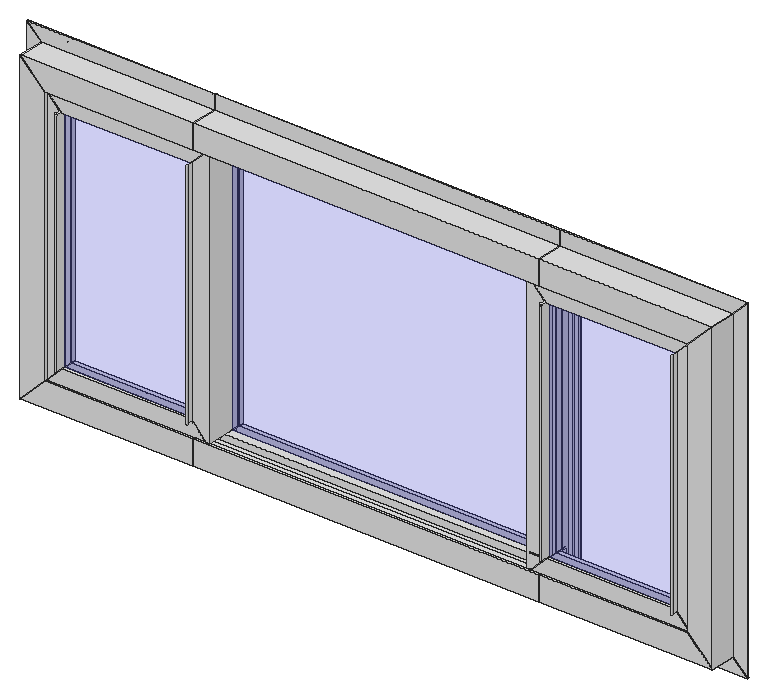
Revit family "591_XOX_nailfin", category Windows, host Wall, Revit 2016
Family settings
  Host = Wall
  OmniClass Number = 23.30.20.00
  OmniClass Title = Windows
  Always vertical = Yes
  Cut with Voids When Loaded = No
  Shared = No
  Room Calculation Point = No
Parameters (values of type "54x24")
  MLW = 1 / 4 * BSR  # 3 3/8"
  Interior Color [instance] = White
  Height = 24"
  Exterior Color [instance] = White
  Default Sill Height = 31.49606"
  Wall Closure = By host
  Width = 54"
  BSR = 13 1/2"
  BSL = BSR  # 13 1/2"
Reference planes (in)
  plane 1 "Center (Front/Back)": y = 0
  plane 2 "Center (Left/Right)": x = 0
  plane 3 "Left": x = -27
  plane 4 "Right": x = 27
  plane 5 "Sill": z = 31.49606
  plane 6 "Head": z = 55.49606
  plane 7 "Exterior": y = 3.93701
  plane 8 "Interior": y = -3.93701
  plane 9 "Front of wall": y = 3.93701
  plane 10 "BSR": x = -13.5
  plane 11 "BSL": x = 13.5
  plane 12: x = -12.5625
  plane 13: x = 12.6245
  plane 14: x = -24.4755
  plane 15: x = 24.4765
  plane 16: z = 52.97106
  plane 17: z = 34.06106
  plane 18: z = 54.09556
  plane 19: z = 32.89606
  plane 20 "Front of glass": y = 4.93351
Forms (in)
  Extrusion 1, solid, material "White" <- "Interior Color"
    sketch origin (0, 0, 31.49606) x (0, -1, 0) y (1, 0, 0)
      loop
        line (-3.93701, -27) -> (-1.87701, -27) -> (-1.87701, -25.1) -> (-2.07701, -25.1) -> (-2.07701, -24.04647) -> (-1.70143, -24.04647)
        arc (-1.70143, -24.04647) -> (-1.59241, -24.07909) -> (-1.63951, -23.9755) r 0.0625
        line (-1.63951, -23.9755) -> (-2.31951, -23.9755) -> (-2.31951, -24.4755) -> (-3.06351, -24.4755) -> (-3.06351, -24.01224) -> (-3.10301, -24.0375) -> (-3.46691, -24.0375) -> (-3.46691, -25.1) -> (-4.12701, -25.1) -> (-4.12701, -25.85) -> (-4.62701, -25.85) -> (-4.62701, -25.725) -> (-5.37701, -25.725) -> (-5.37701, -27.02) -> (-5.25201, -27.02) -> (-5.25201, -26.98) -> (-5.06701, -26.98) -> (-5.03872, -27) -> (-4.00201, -27) -> (-4.00201, -28.125) -> (-3.93701, -28.125) -> (-3.93701, -27)
    from -1.125 to 25.125
  Extrusion 2, solid, material "White" <- "Interior Color"
    sketch origin (0, 0, 31.49606) x (0, -1, 0) y (1, 0, 0)
      loop
        line (-1.87701, 27) -> (-3.93701, 27) -> (-3.93701, 28.125) -> (-4.00201, 28.125) -> (-4.00201, 27) -> (-5.03872, 27) -> (-5.06701, 26.98) -> (-5.25201, 26.98) -> (-5.25201, 27.02) -> (-5.37701, 27.02) -> (-5.37701, 25.725) -> (-4.62701, 25.725) -> (-4.62701, 25.85) -> (-4.12701, 25.85) -> (-4.12701, 25.1) -> (-3.47701, 25.1) -> (-3.47701, 24.6155) -> (-3.46691, 24.57287) -> (-3.46691, 24.0375) -> (-3.10301, 24.0375) -> (-3.06351, 24.01224) -> (-3.06351, 24.4704) -> (-2.3154, 24.47653) -> (-2.3154, 23.9755) -> (-1.63951, 23.9755)
        arc (-1.63951, 23.9755) -> (-1.59274, 24.07946) -> (-1.70156, 24.0455) r 0.0625
        line (-1.70156, 24.0455) -> (-2.07701, 24.0455) -> (-2.07701, 25.1) -> (-1.87701, 25.1) -> (-1.87701, 27)
    from -1.125 to 25.125
  Extrusion 3, solid, material "White" <- "Interior Color"
    sketch origin (0, 0, 31.49606) x (0, -1, 0) y (1, 0, 0)
      loop
        line (-5.34701, 13) -> (-5.33691, 12.96233) -> (-5.33691, 12.4365) -> (-4.97301, 12.4365) -> (-4.93351, 12.41124) -> (-4.93351, 12.6245) -> (-4.18951, 12.6245) -> (-4.18951, 12.375) -> (-2.07701, 12.375) -> (-2.07701, 13.805) -> (-1.70156, 13.805)
        arc (-1.70156, 13.805) -> (-1.59274, 13.77104) -> (-1.63951, 13.875) r 0.0625
        line (-1.63951, 13.875) -> (-2.31951, 13.875) -> (-2.31951, 13.5) -> (-3.06351, 13.5) -> (-3.06351, 13.83826) -> (-3.10301, 13.813) -> (-3.57701, 13.813) -> (-3.57701, 14) -> (-4.02701, 14) -> (-4.02701, 14.415) -> (-4.12701, 14.415) -> (-4.12701, 14) -> (-4.62701, 14) -> (-4.62701, 14.415) -> (-4.72701, 14.415) -> (-4.72701, 14) -> (-5.34701, 14) -> (-5.34701, 13)
    from 0 to 24
  Extrusion 4, solid, material "White" <- "Interior Color"
    sketch origin (0, 0, 31.49606) x (0, -1, 0) y (1, 0, 0)
      loop
        line (-2.07701, -12.375) -> (-4.18951, -12.375) -> (-4.18951, -12.5625) -> (-4.93351, -12.5625) -> (-4.93351, -12.41124) -> (-4.97301, -12.4365) -> (-5.33691, -12.4365) -> (-5.33691, -12.96713) -> (-5.34701, -13) -> (-5.34701, -14) -> (-4.72701, -14) -> (-4.72701, -14.415) -> (-4.62701, -14.415) -> (-4.62701, -14) -> (-4.12701, -14) -> (-4.12701, -14.415) -> (-4.02701, -14.415) -> (-4.02701, -14) -> (-3.57701, -14) -> (-3.57701, -13.813) -> (-3.10301, -13.813) -> (-3.06351, -13.83826) -> (-3.06351, -13.5) -> (-2.31951, -13.5) -> (-2.31951, -13.875) -> (-1.63951, -13.875)
        arc (-1.63951, -13.875) -> (-1.59274, -13.77104) -> (-1.70156, -13.805) r 0.0625
        line (-1.70156, -13.805) -> (-2.07701, -13.805) -> (-2.07701, -12.375)
    from 0 to 24
  Extrusion 5, solid, material "White" <- "Interior Color"
    sketch origin (-13.5, 0, 0) x (0, 0, 1) y (0, 1, 0)
      loop
        line (33.982, 3.46691) -> (33.93706, 3.47701) -> (33.39606, 3.47701) -> (33.39606, 4.12701) -> (32.64606, 4.12701) -> (32.64606, 4.62701) -> (32.77106, 4.62701) -> (32.77106, 5.37701) -> (31.47606, 5.37701) -> (31.47606, 5.25201) -> (31.51606, 5.25201) -> (31.51606, 5.06701) -> (31.49606, 5.03872) -> (31.49606, 4.00201) -> (30.37106, 4.00201) -> (30.37106, 3.93701) -> (31.49606, 3.93701) -> (31.49606, 1.87701) -> (33.39606, 1.87701) -> (33.39606, 2.07701) -> (34.56206, 2.07701) -> (34.56206, 2.31951) -> (34.06206, 2.31951) -> (34.06206, 3.06351) -> (34.52532, 3.06351) -> (34.50006, 3.10301) -> (34.50006, 3.46691) -> (33.982, 3.46691)
    from -0.9375 to 14.625
  Extrusion 6, solid, material "White" <- "Interior Color"
    sketch origin (-13.5, 0, 0) x (0, 0, 1) y (0, 1, 0)
      loop
        line (53.05839, 3.46691) -> (52.53306, 3.46691) -> (52.53306, 3.10301) -> (52.50781, 3.06351) -> (52.97106, 3.06351) -> (52.97106, 2.31951) -> (52.47106, 2.31951) -> (52.47106, 2.07701) -> (53.59607, 2.07701) -> (53.59607, 1.87701) -> (55.49606, 1.87701) -> (55.49606, 3.93701) -> (56.62106, 3.93701) -> (56.62106, 4.00201) -> (55.49606, 4.00201) -> (55.49606, 5.03872) -> (55.47606, 5.06701) -> (55.47606, 5.25201) -> (55.51606, 5.25201) -> (55.51606, 5.37701) -> (54.22106, 5.37701) -> (54.22106, 4.62701) -> (54.34606, 4.62701) -> (54.34606, 4.12701) -> (53.59606, 4.12701) -> (53.59606, 3.47701) -> (53.09606, 3.47701) -> (53.05839, 3.46691)
    from -0.9375 to 14.625
  Extrusion 7, solid, material "White" <- "Interior Color"
    sketch origin (13.5, 0, 0) x (0, 0, 1) y (0, 1, 0)
      loop
        line (31.49606, 1.87701) -> (33.39606, 1.87701) -> (33.39606, 2.07701) -> (33.02406, 2.07701) -> (33.02406, 2.98532) -> (32.86906, 2.98532) -> (32.86906, 3.57701) -> (33.39606, 3.57701) -> (33.39606, 4.18951) -> (32.89606, 4.18951) -> (32.89606, 4.93351) -> (33.35932, 4.93351) -> (33.33406, 4.97301) -> (33.33406, 5.33691) -> (32.77106, 5.33691) -> (32.77106, 5.37701) -> (31.47606, 5.37701) -> (31.47606, 5.25201) -> (31.51606, 5.25201) -> (31.51606, 5.06701) -> (31.49606, 5.03872) -> (31.49606, 4.00201) -> (30.37106, 4.00201) -> (30.37106, 3.93701) -> (31.49606, 3.93701) -> (31.49606, 1.87701)
    from 0 to 27
  Extrusion 8, solid, material "White" <- "Interior Color"
    sketch origin (13.5, 0, 0) x (0, 0, 1) y (0, 1, 0)
      loop
        line (55.49606, 1.87701) -> (55.49606, 3.93701) -> (56.62106, 3.93701) -> (56.62106, 4.00201) -> (55.49606, 4.00201) -> (55.49606, 5.03872) -> (55.47606, 5.06701) -> (55.47606, 5.25201) -> (55.51606, 5.25201) -> (55.51606, 5.37701) -> (54.22106, 5.37701) -> (54.22106, 5.33473) -> (53.65743, 5.33691) -> (53.65743, 4.97301) -> (53.63281, 4.93351) -> (54.09606, 4.93351) -> (54.09606, 4.1895) -> (53.59606, 4.1854) -> (53.59606, 3.57493) -> (54.47106, 3.57493) -> (54.47106, 2.07701) -> (53.59606, 2.07701) -> (53.59606, 1.87701) -> (55.49606, 1.87701)
    from 0 to 27
  Extrusion 9, solid, material "White" <- "Interior Color"
    sketch origin (27, 0, 0) x (0, -1, 0) y (0, 0, 1)
      loop
        line (-3.46691, 33.982) -> (-3.47701, 33.93706) -> (-3.47701, 33.39606) -> (-4.12701, 33.39606) -> (-4.12701, 32.64606) -> (-4.62701, 32.64606) -> (-4.62701, 32.77106) -> (-5.37701, 32.77106) -> (-5.37701, 31.47606) -> (-5.25201, 31.47606) -> (-5.25201, 31.51606) -> (-5.06701, 31.51606) -> (-5.03872, 31.49606) -> (-4.00201, 31.49606) -> (-4.00201, 30.37106) -> (-3.93701, 30.37106) -> (-3.93701, 31.49606) -> (-1.87701, 31.49606) -> (-1.87701, 33.39606) -> (-2.07701, 33.39606) -> (-2.07701, 34.5814) -> (-2.31951, 34.5814) -> (-2.31951, 34.06206) -> (-3.06351, 34.06206) -> (-3.06351, 34.52532) -> (-3.10301, 34.50006) -> (-3.46691, 34.50006) -> (-3.46691, 33.982)
    from -1.125 to 14.3755
  Extrusion 10, solid, material "White" <- "Interior Color"
    sketch origin (27, 0, 0) x (0, -1, 0) y (0, 0, 1)
      loop
        line (-3.46691, 53.05839) -> (-3.46691, 52.53306) -> (-3.10301, 52.53306) -> (-3.06351, 52.50781) -> (-3.06351, 52.97106) -> (-2.31951, 52.97106) -> (-2.31951, 52.47106) -> (-2.07701, 52.47106) -> (-2.07701, 53.59607) -> (-1.87701, 53.59607) -> (-1.87701, 55.49606) -> (-3.93701, 55.49606) -> (-3.93701, 56.62106) -> (-4.00201, 56.62106) -> (-4.00201, 55.49606) -> (-5.03872, 55.49606) -> (-5.06701, 55.47606) -> (-5.25201, 55.47606) -> (-5.25201, 55.51606) -> (-5.37701, 55.51606) -> (-5.37701, 54.22106) -> (-4.62701, 54.22106) -> (-4.62701, 54.34606) -> (-4.12701, 54.34606) -> (-4.12701, 53.59606) -> (-3.47701, 53.59606) -> (-3.47701, 53.09606) -> (-3.46691, 53.05839)
    from -1.125 to 14.3755
  Extrusion 11, void
    sketch origin (0, 3.93701, 0) x (1, 0, 0) y (0, 0, 1)
      loop
        line (-13.875, 52.47106) -> (-13.875, 51.50248) -> (-12.375, 51.50248) -> (-12.375, 55.84606) -> (-13.5, 55.84606) -> (-13.5, 53.59606) -> (-12.75, 53.59606) -> (-13.875, 52.47106)
    from 0 to 12
  Extrusion 12, void
    sketch origin (0, 3.93701, 0) x (1, 0, 0) y (0, 0, 1)
      loop
        line (-13.875, 52.47106) -> (-12.75, 53.59606) -> (-11.85579, 53.59606) -> (-11.85579, 55.72025) -> (-15, 55.72025) -> (-15, 52.47106) -> (-13.875, 52.47106)
    from 0 to 12
  Extrusion 13, void
    sketch origin (0, 3.93701, 0) x (1, 0, 0) y (0, 0, 1)
      loop
        line (-13.875, 34.56206) -> (-12.709, 33.39606) -> (-13.5, 33.39606) -> (-13.5, 31.27913) -> (-11.86322, 31.27913) -> (-11.86322, 34.56206) -> (-13.875, 34.56206)
    from 0 to 12
  Extrusion 14, void
    sketch origin (0, 3.93701, 0) x (1, 0, 0) y (0, 0, 1)
      loop
        line (-13.875, 34.56206) -> (-14.82461, 34.56206) -> (-14.82461, 30.50396) -> (-11.959, 30.50396) -> (-11.959, 33.39606) -> (-12.709, 33.39606) -> (-13.875, 34.56206)
    from 0 to 12
  Extrusion 15, void
    sketch origin (0, 3.93701, 0) x (1, 0, 0) y (0, 0, 1)
      loop
        line (13.875, 52.47106) -> (12.75, 53.59606) -> (13.5, 53.59606) -> (13.5, 55.84606) -> (11.41704, 55.84606) -> (11.41704, 52.47106) -> (13.875, 52.47106)
    from 0 to 12
  Extrusion 16, void
    sketch origin (0, 3.93701, 0) x (1, 0, 0) y (0, 0, 1)
      loop
        line (13.875, 52.47106) -> (14.70271, 52.47106) -> (14.70271, 56.01463) -> (11.89104, 56.01463) -> (11.89104, 53.59606) -> (12.75, 53.59606) -> (13.875, 52.47106)
    from 0 to 12
  Extrusion 17, void
    sketch origin (0, 3.93701, 0) x (1, 0, 0) y (0, 0, 1)
      loop
        line (13.875, 34.56206) -> (12.709, 33.39606) -> (12.6245, 33.39606) -> (12.6245, 31.14606) -> (14.8745, 31.14606) -> (14.8745, 34.56206) -> (13.875, 34.56206)
    from 0 to 12
  Extrusion 18, void
    sketch origin (0, 3.93701, 0) x (1, 0, 0) y (0, 0, 1)
      loop
        line (13.875, 34.56206) -> (11.5, 34.56206) -> (11.5, 30.35932) -> (13.5, 30.35932) -> (13.5, 33.39606) -> (12.709, 33.39606) -> (13.875, 34.56206)
    from 0 to 12
  Extrusion 19, void
    sketch origin (0, 3.93701, 0) x (1, 0, 0) y (0, 0, 1)
      loop
        line (28.75, 29.74606) -> (22.75736, 35.7387) -> (22.75736, 29.74606) -> (28.75, 29.74606)
    from 0 to 12
  Extrusion 20, void
    sketch origin (0, 3.93701, 0) x (1, 0, 0) y (0, 0, 1)
      loop
        line (29.75984, 28.75622) -> (29.75984, 35.40515) -> (23.11091, 35.40515) -> (29.75984, 28.75622)
    from 0 to 12
  Extrusion 21, void
    sketch origin (0, 3.93701, 0) x (1, 0, 0) y (0, 0, 1)
      loop
        line (22.47228, 50.96834) -> (28.84924, 50.96834) -> (28.84924, 57.3453) -> (22.47228, 50.96834)
    from 0 to 12
  Extrusion 22, void
    sketch origin (0, 3.93701, 0) x (1, 0, 0) y (0, 0, 1)
      loop
        line (28.5, 56.99606) -> (23.11091, 56.99606) -> (23.11091, 51.60698) -> (28.5, 56.99606)
    from 0 to 12
  Extrusion 23, void
    sketch origin (0, 3.93701, 0) x (1, 0, 0) y (0, 0, 1)
      loop
        line (-29, 29.49606) -> (-22.93414, 29.49606) -> (-22.93414, 35.56193) -> (-29, 29.49606)
    from 0 to 12
  Extrusion 24, void
    sketch origin (0, 3.93701, 0) x (1, 0, 0) y (0, 0, 1)
      loop
        line (-29.49016, 29.00591) -> (-22.58058, 35.91548) -> (-29.49016, 35.91548) -> (-29.49016, 29.00591)
    from 0 to 12
  Extrusion 25, void
    sketch origin (0, 3.93701, 0) x (1, 0, 0) y (0, 0, 1)
      loop
        line (-28.99016, 57.48622) -> (-28.99016, 51.25342) -> (-22.75736, 51.25342) -> (-28.99016, 57.48622)
    from 0 to 12
  Extrusion 26, void
    sketch origin (0, 3.93701, 0) x (1, 0, 0) y (0, 0, 1)
      loop
        line (-29, 57.49606) -> (-22.75736, 51.25342) -> (-22.75736, 57.49606) -> (-29, 57.49606)
    from 0 to 12
  Sweep 27, void
    path in 3D
      loop
        line (24.80135, 8.51705, 55.49606) -> (24.80135, 3.93701, 55.49606)
    profile origin (24.80135, 6.22703, 55.49606) x (1, 0, 0) y (0, 0, 1)
      loop
        line (5.00258, 2.80393) -> (-3.74742, -5.94607) -> (5.00258, -5.94607) -> (5.00258, 2.80393)
  Sweep 28, void
    path in 3D
      loop
        line (24.80135, 8.51705, 55.49606) -> (24.80135, 3.93701, 55.49606)
    profile origin (24.80135, 6.22703, 55.49606) x (1, 0, 0) y (0, 0, 1)
      loop
        line (4.02034, 1.8217) -> (-1.97966, 1.8217) -> (-1.97966, -4.1783) -> (4.02034, 1.8217)
  Sweep 29, void
    path in 3D
      loop
        line (25.80135, 8.51705, 31.49606) -> (25.80135, 3.93701, 31.49606)
    profile origin (25.80135, 6.22703, 31.49606) x (1, 0, 0) y (0, 0, 1)
      loop
        line (3.91679, -2.71815) -> (-3.33321, 4.53185) -> (-3.33321, -2.71815) -> (3.91679, -2.71815)
  Sweep 30, void
    path in 3D
      loop
        line (25.80135, 8.51705, 31.49606) -> (25.80135, 3.93701, 31.49606)
    profile origin (25.80135, 6.22703, 31.49606) x (1, 0, 0) y (0, 0, 1)
      loop
        line (3.44712, -2.24848) -> (3.44712, 4.00152) -> (-2.80288, 4.00152) -> (3.44712, -2.24848)
  Sweep 31, void
    path in 3D
      loop
        line (-25.38697, 8.97439, 31.49606) -> (-25.38697, 3.93701, 31.49606)
    profile origin (-25.38697, 6.4557, 31.49606) x (1, 0, 0) y (0, 0, 1)
      loop
        line (-5.08117, -3.46815) -> (2.91883, -3.46815) -> (2.91883, 4.53185) -> (-5.08117, -3.46815)
  Sweep 32, void
    path in 3D
      loop
        line (-25.38697, 8.97439, 31.49606) -> (-25.38697, 3.93701, 31.49606)
    profile origin (-25.38697, 6.4557, 31.49606) x (1, 0, 0) y (0, 0, 1)
      loop
        line (-5.05084, -3.43782) -> (3.44916, 5.06218) -> (-5.05084, 5.06218) -> (-5.05084, -3.43782)
  Sweep 33, void
    path in 3D
      loop
        line (-26.16128, 9.28895, 55.49606) -> (-26.16128, 3.93701, 55.49606)
    profile origin (-26.16128, 6.61298, 55.49606) x (1, 0, 0) y (0, 0, 1)
      loop
        line (-4.17299, 3.33426) -> (-4.17299, -5.41574) -> (4.57701, -5.41574) -> (-4.17299, 3.33426)
  Sweep 34, void
    path in 3D
      loop
        line (-26.16128, 9.28895, 55.49606) -> (-26.16128, 3.93701, 55.49606)
    profile origin (-26.16128, 6.61298, 55.49606) x (1, 0, 0) y (0, 0, 1)
      loop
        line (-3.23365, 2.39492) -> (3.51635, -4.35508) -> (3.51635, 2.39492) -> (-3.23365, 2.39492)
  Sweep 35, void
    path in 3D
      loop
        line (-13.02946, 7.88299, 31.49606) -> (-13.02946, 3.93701, 31.49606)
    profile origin (-13.02946, 5.91, 31.49606) x (1, 0, 0) y (0, 0, 1)
      loop
        line (0.77272, 2.01826) -> (-1.2107, 2.01826) -> (-1.2107, 1.275) -> (0.02946, 1.275) -> (0.77272, 2.01826)
  Sweep 36, void
    path in 3D
      loop
        line (-13.02946, 7.88299, 31.49606) -> (-13.02946, 3.93701, 31.49606)
    profile origin (-13.02946, 5.91, 31.49606) x (1, 0, 0) y (0, 0, 1)
      loop
        line (1.02946, 2.275) -> (0.02946, 1.275) -> (-0.47054, 1.275) -> (-0.47054, -1.125) -> (0.46696, -1.125) -> (0.46696, 1.275) -> (1.02946, 1.275) -> (1.02946, 2.275)
  Sweep 37, void
    path in 3D
      loop
        line (13.72482, 8.34046, 31.49606) -> (13.72482, 3.93701, 31.49606)
    profile origin (13.72482, 6.13873, 31.49606) x (1, 0, 0) y (0, 0, 1)
      loop
        line (-1.40367, 1.95335) -> (-0.72532, 1.275) -> (0.35829, 1.275) -> (0.35829, 1.95335) -> (-1.40367, 1.95335)
  Sweep 38, void
    path in 3D
      loop
        line (13.72482, 8.34046, 31.49606) -> (13.72482, 3.93701, 31.49606)
    profile origin (13.72482, 6.13873, 31.49606) x (1, 0, 0) y (0, 0, 1)
      loop
        line (-1.53104, 2.08072) -> (-1.53104, 1.275) -> (-1.10032, 1.275) -> (-1.10032, -1.125) -> (-0.22482, -1.125) -> (-0.22482, 1.275) -> (-0.72532, 1.275) -> (-1.53104, 2.08072)
  Sweep 39, void
    path in 3D
      loop
        line (12.75089, 8.78568, 55.49606) -> (12.75089, 3.93701, 55.49606)
    profile origin (12.75089, 6.36135, 55.49606) x (1, 0, 0) y (0, 0, 1)
      loop
        line (-0.50089, -2.025) -> (1.49911, -2.025) -> (1.49911, -1.275) -> (0.24911, -1.275) -> (-0.50089, -2.025)
  Sweep 40, void
    path in 3D
      loop
        line (12.75089, 8.78568, 55.49606) -> (12.75089, 3.93701, 55.49606)
    profile origin (12.75089, 6.36135, 55.49606) x (1, 0, 0) y (0, 0, 1)
      loop
        line (-0.55556, -2.07967) -> (0.24911, -1.275) -> (0.74911, -1.275) -> (0.74911, 1.125) -> (-0.12639, 1.125) -> (-0.12639, -1.275) -> (-0.55556, -1.275) -> (-0.55556, -2.07967)
  Sweep 41, void
    path in 3D
      loop
        line (-14.02946, 7.88299, 55.49606) -> (-14.02946, 3.93701, 55.49606)
    profile origin (-14.02946, 5.91, 55.49606) x (1, 0, 0) y (0, 0, 1)
      loop
        line (1.71696, -1.9625) -> (1.71696, -1.275) -> (1.46696, -1.275) -> (1.46696, 1.125) -> (0.52946, 1.125) -> (0.52946, -1.275) -> (1.02946, -1.275) -> (1.71696, -1.9625)
  Sweep 42, void
    path in 3D
      loop
        line (-14.02946, 7.88299, 55.49606) -> (-14.02946, 3.93701, 55.49606)
    profile origin (-14.02946, 5.91, 55.49606) x (1, 0, 0) y (0, 0, 1)
      loop
        line (1.77946, -2.025) -> (1.02946, -1.275) -> (-0.13089, -1.275) -> (-0.13089, -2.025) -> (1.77946, -2.025)
  Sweep 43, void
    path in 3D
      loop
        line (-14.02946, 7.88299, 55.49606) -> (-14.02946, 3.93701, 55.49606)
    profile origin (-14.02946, 5.91, 55.49606) x (1, 0, 0) y (0, 0, 1)
      loop
        line (2.76125, -0.86122) -> (2.76125, 2.38878) -> (-2.48875, 2.38878) -> (-2.48875, -0.86122) -> (2.76125, -0.86122)
  Sweep 44, void
    path in 3D
      loop
        line (12.75089, 8.78568, 55.49606) -> (12.75089, 3.93701, 55.49606)
    profile origin (12.75089, 6.36135, 55.49606) x (1, 0, 0) y (0, 0, 1)
      loop
        line (3.39784, -0.79438) -> (3.39784, 2.45562) -> (-1.85216, 2.45562) -> (-1.85216, -0.79438) -> (3.39784, -0.79438)
  Extrusion 45, solid, material "Glass"
    sketch origin (0, 0, 31.49606) x (0, -1, 0) y (1, 0, 0)
      loop
        line (-3.06351, -24.4755) -> (-2.31951, -24.4755) -> (-2.31951, -13.5) -> (-3.06351, -13.5) -> (-3.06351, -24.4755)
    from 2.565 to 21.475
  Extrusion 46, solid, material "Glass"
    sketch origin (0, 0, 31.49606) x (0, -1, 0) y (1, 0, 0)
      loop
        line (-4.18951, -12.5625) -> (-4.18951, 12.6245) -> (-4.93351, 12.6245) -> (-4.93351, -12.5625) -> (-4.18951, -12.5625)
    from 1.4 to 22.5995
  Extrusion 47, solid, material "Glass"
    sketch origin (0, 0, 31.49606) x (0, -1, 0) y (1, 0, 0)
      loop
        line (-3.06351, 13.5) -> (-2.31951, 13.5) -> (-2.31951, 24.4765) -> (-3.06351, 24.4765) -> (-3.06351, 13.5)
    from 2.565 to 21.475
Cuts and joins
  Extrusion 11, Extrusion 25, Sweep 33, Sweep 41, Sweep 42 cuts Extrusion 6
  Extrusion 12, Extrusion 14, Sweep 36, Sweep 41, Sweep 43 cuts Extrusion 4
  Extrusion 13, Extrusion 24, Sweep 32, Sweep 36 cuts Extrusion 5
  Extrusion 15, Extrusion 21, Sweep 27, Sweep 39, Sweep 40 cuts Extrusion 10
  Extrusion 16, Extrusion 17, Sweep 38, Sweep 40, Sweep 44 cuts Extrusion 3
  Extrusion 18, Extrusion 20, Sweep 30, Sweep 38 cuts Extrusion 9
  Extrusion 19, Extrusion 22, Sweep 28, Sweep 29 cuts Extrusion 2
  Extrusion 23, Extrusion 26, Sweep 31, Sweep 34 cuts Extrusion 1
  Sweep 35, Sweep 37 cuts Extrusion 7
  Sweep 39, Sweep 42 cuts Extrusion 8
Lines and regions (in)
  Opening 1
    outline origin (143.97305, -3.93701, 0.36436) x (1, 0, 0) y (0, 0, 1)
      loop
        line (-116.97305, 31.1317) -> (-116.97305, 55.1317) -> (-170.97305, 55.1317) -> (-170.97305, 31.1317) -> (-116.97305, 31.1317)
  reference lines
    curve 1: line (-26.16128, 9.28895, 55.49606) -> (-26.16128, 3.93701, 55.49606)
    curve 2: line (-25.38697, 8.97439, 31.49606) -> (-25.38697, 3.93701, 31.49606)
    curve 3: line (-14.02946, 7.88299, 55.49606) -> (-14.02946, 3.93701, 55.49606)
    curve 4: line (-13.02946, 7.88299, 31.49606) -> (-13.02946, 3.93701, 31.49606)
    curve 5: line (12.75089, 8.78568, 55.49606) -> (12.75089, 3.93701, 55.49606)
    curve 6: line (13.72482, 8.34046, 31.49606) -> (13.72482, 3.93701, 31.49606)
    curve 7: line (24.80135, 8.51705, 55.49606) -> (24.80135, 3.93701, 55.49606)
    curve 8: line (25.80135, 8.51705, 31.49606) -> (25.80135, 3.93701, 31.49606)
    curve 33: line (2.5, 4.93351, 45.99606) -> (-2.5, 4.93351, 45.99606)
    curve 34: line (2.5, 4.93351, 40.99606) -> (2.5, 4.93351, 45.99606)
    curve 35: line (-2.5, 4.93351, 40.99606) -> (2.5, 4.93351, 40.99606)
    curve 36: line (-2.5, 4.93351, 45.99606) -> (-2.5, 4.93351, 40.99606)
    curve 37: line (0, 4.93351, 40.99606) -> (0, 4.93351, 47.49606)
    curve 38: line (2.5, 4.93351, 43.49606) -> (-0.29058, 4.93351, 43.49606)
    curve 48: line (2.5, 0, 45.99606) -> (-2.5, 0, 45.99606)
    curve 49: line (2.5, 0, 40.99606) -> (2.5, 0, 45.99606)
    curve 50: line (-2.5, 0, 40.99606) -> (2.5, 0, 40.99606)
    curve 51: line (-2.5, 0, 45.99606) -> (-2.5, 0, 40.99606)
    curve 52: line (0, 0, 40.99606) -> (0, 0, 48.49606)
    curve 53: line (2.5, 0, 43.49606) -> (-4.5, 0, 43.49606)
  sketch lines
    curve 9: line (24.80135, 8.51705, 55.49606) -> (24.80135, 3.93701, 55.49606)
    curve 10: line (24.80135, 8.51705, 55.49606) -> (24.80135, 3.93701, 55.49606)
    curve 11: line (25.80135, 8.51705, 31.49606) -> (25.80135, 3.93701, 31.49606)
    curve 12: line (25.80135, 8.51705, 31.49606) -> (25.80135, 3.93701, 31.49606)
    curve 13: line (-25.38697, 8.97439, 31.49606) -> (-25.38697, 3.93701, 31.49606)
    curve 14: line (-25.38697, 8.97439, 31.49606) -> (-25.38697, 3.93701, 31.49606)
    curve 15: line (-26.16128, 9.28895, 55.49606) -> (-26.16128, 3.93701, 55.49606)
    curve 16: line (-26.16128, 9.28895, 55.49606) -> (-26.16128, 3.93701, 55.49606)
    curve 17: line (-13.02946, 7.88299, 31.49606) -> (-13.02946, 3.93701, 31.49606)
    curve 18: line (-13.02946, 7.88299, 31.49606) -> (-13.02946, 3.93701, 31.49606)
    curve 19: line (13.72482, 8.34046, 31.49606) -> (13.72482, 3.93701, 31.49606)
    curve 20: line (13.72482, 8.34046, 31.49606) -> (13.72482, 3.93701, 31.49606)
    curve 21: line (12.75089, 8.78568, 55.49606) -> (12.75089, 3.93701, 55.49606)
    curve 22: line (12.75089, 8.78568, 55.49606) -> (12.75089, 3.93701, 55.49606)
    curve 23: line (-14.02946, 7.88299, 55.49606) -> (-14.02946, 3.93701, 55.49606)
    curve 24: line (-14.02946, 7.88299, 55.49606) -> (-14.02946, 3.93701, 55.49606)
    curve 25: line (-14.02946, 7.88299, 55.49606) -> (-14.02946, 3.93701, 55.49606)
    curve 26: line (12.75089, 8.78568, 55.49606) -> (12.75089, 3.93701, 55.49606)
  model lines
    curve 27: line (22.02974, 3.93701, 43.49606) -> (15.77974, 3.93701, 43.49606)
    curve 28: line (-22.32169, 3.93701, 43.49606) -> (-15.77974, 3.93701, 43.49606)
    curve 29: line (15.77974, 3.93701, 43.49606) -> (18.16623, 3.93701, 45.88255)
    curve 30: line (15.77974, 3.93701, 43.49606) -> (18.16623, 3.93701, 41.10958)
    curve 31: line (-15.77974, 3.93701, 43.49606) -> (-18.16623, 3.93701, 45.88255)
    curve 32: line (-15.77974, 3.93701, 43.49606) -> (-18.16623, 3.93701, 41.10958)
    curve 39: line (-2.5, 4.93351, 43.49606) -> (0, 4.93351, 45.99606)
    curve 40: line (-2.5, 4.93351, 40.99606) -> (2.5, 4.93351, 45.99606)
    curve 41: line (0, 4.93351, 40.99606) -> (2.5, 4.93351, 43.49606)
  symbolic lines
    curve 42: line (15.77974, 3.93701, 43.49606) -> (18.16623, 3.93701, 45.88255)
    curve 43: line (15.77974, 3.93701, 43.49606) -> (18.16623, 3.93701, 41.10958)
    curve 44: line (15.77974, 3.93701, 43.49606) -> (22.02974, 3.93701, 43.49606)
    curve 45: line (-15.77974, 3.93701, 43.49606) -> (-18.16623, 3.93701, 45.88255)
    curve 46: line (-15.77974, 3.93701, 43.49606) -> (-18.16623, 3.93701, 41.10958)
    curve 47: line (-15.77974, 3.93701, 43.49606) -> (-22.32169, 3.93701, 43.49606)
    curve 54: line (0, 0, 40.99606) -> (2.5, 0, 43.49606)
    curve 55: line (0, 0, 45.99606) -> (-2.5, 0, 43.49606)
    curve 56: line (-2.5, 0, 40.99606) -> (2.5, 0, 45.99606)
Text (in)
  text "EXTERIOR" at (-77.29147, 52.45485, 0), in view "Ref. Level"
  text "INTERIOR" at (-78.01048, -32.21994, 0), in view "Ref. Level"
  text "Exterior" at (0, 36.36817, 115.8778), in view "Right"
  text "Exterior" at (0, 40.96394, 105.72475), in view "Left"
Dimensions and locks (in)
  equal spacing: plane 3 "Left", plane 2 "Center (Left/Right)", plane 4 "Right"
  "Width": plane 3 "Left" to plane 4 "Right"
  "Height": plane 5 "Sill" to plane 6 "Head"
  "Default Sill Height": plane 5 "Sill" to level
  locked: plane 7 "Exterior" to host wall at 0
  locked: plane 8 "Interior" to host wall
  "BSR": plane 3 "Left" to plane 10 "BSR"
  "BSL": plane 11 "BSL" to plane 4 "Right"
  locked: Extrusion 1 sketch curve to plane 3 "Left" at 1.125
  locked: Extrusion 1 sketch curve to plane 9 "Front of wall" at 2.06
  locked: plane 3 "Left" to Extrusion 1 sketch curve at 1.9
  locked: plane 4 "Right" to Extrusion 2 sketch curve at 1.125
  locked: Extrusion 2 sketch curve to plane 9 "Front of wall" at 2.06
  locked: Extrusion 2 sketch curve to plane 4 "Right" at 1.9
  locked: Extrusion 3 sketch curve to plane 11 "BSL" at 0.5
  locked: plane 11 "BSL" to Extrusion 3 sketch curve at 0.5
  locked: Extrusion 3 sketch curve to plane 11 "BSL" at 1.125
  locked: plane 11 "BSL" to Extrusion 3 sketch curve at 0.305
  locked: Extrusion 4 sketch curve to plane 10 "BSR" at 0.5
  locked: plane 10 "BSR" to Extrusion 4 sketch curve at 0.5
  locked: Extrusion 4 sketch curve to plane 10 "BSR" at 0.305
  locked: plane 10 "BSR" to Extrusion 4 sketch curve at 1.125
  locked: Extrusion 5 sketch curve to plane 5 "Sill" at 1.125
  locked: plane 9 "Front of wall" to Extrusion 5 sketch curve at 2.06
  locked: plane 5 "Sill" to Extrusion 5 sketch curve at 1.9
  locked: plane 6 "Head" to Extrusion 6 sketch curve at 1.125
  locked: plane 9 "Front of wall" to Extrusion 6 sketch curve at 2.06
  locked: Extrusion 6 sketch curve to plane 6 "Head" at 1.89999
  locked: plane 5 "Sill" to Extrusion 7 sketch curve at 1.9
  locked: Extrusion 7 sketch curve to plane 5 "Sill" at 1.125
  locked: plane 9 "Front of wall" to Extrusion 7 sketch curve at 2.06
  locked: plane 6 "Head" to Extrusion 8 sketch curve at 1.125
  locked: plane 9 "Front of wall" to Extrusion 8 sketch curve at 2.06
  locked: Extrusion 8 sketch curve to plane 6 "Head" at 1.9
  locked: plane 9 "Front of wall" to Extrusion 9 sketch curve at 2.06
  locked: plane 5 "Sill" to Extrusion 9 sketch curve at 1.9
  locked: Extrusion 9 sketch curve to plane 5 "Sill" at 1.125
  locked: plane 6 "Head" to Extrusion 10 sketch curve at 1.125
  locked: Extrusion 10 sketch curve to plane 6 "Head" at 1.89999
  locked: plane 9 "Front of wall" to Extrusion 10 sketch curve at 2.06
  locked: plane 10 "BSR" to plane 12 at 0.9375
  locked: plane 11 "BSL" to plane 13 at 0.8755
  locked: plane 15 to plane 4 "Right" at 2.5235
  locked: plane 3 "Left" to plane 14 at 2.5245
  locked: plane 5 "Sill" to plane 17 at 2.565
  locked: plane 16 to plane 6 "Head" at 2.525
  locked: plane 5 "Sill" to plane 19 at 1.4
  locked: plane 18 to plane 6 "Head" at 1.4005
  equal spacing: plane 5 "Sill", curve 28, plane 6 "Head"
  equal spacing: plane 5 "Sill", curve 27, plane 6 "Head"
  locked: plane 20 "Front of glass" to plane 9 "Front of wall" at 0.9965
  locked: curve 32 to plane 10 "BSR" at 2.27974
  "MLW": curve 32 to curve 31
  "MLW": curve 32 to curve 32
  locked: plane 3 "Left" to curve 28 at 4.67831
  locked: plane 11 "BSL" to curve 30 at 2.27974
  "MLW": curve 29 to curve 30
  "MLW": curve 30 to curve 30
  locked: curve 27 to plane 4 "Right" at 4.97026
  locked: curve 34 to curve 36 at 5
  locked: curve 35 to curve 33 at 5
  equal spacing: curve 36, curve 37, curve 34
  equal spacing: curve 35, curve 38, curve 33
  equal spacing: plane 10 "BSR", curve 37, plane 11 "BSL"
  equal spacing: plane 5 "Sill", curve 38, plane 6 "Head"
  "MLW": curve 44 to curve 42
  "MLW": curve 44 to curve 43
  "MLW": curve 47 to curve 45
  "MLW": curve 47 to curve 46
  locked: curve 49 to curve 51 at 5
  locked: curve 50 to curve 48 at 5
  equal spacing: curve 51, curve 52, curve 49
  equal spacing: curve 50, curve 53, curve 48
  locked: curve 51 to curve 55 at 2.5
  locked: curve 51 to curve 54 at 2.5
  locked: curve 54 to curve 50 at 2.5
  locked: curve 55 to curve 50 at 2.5
  locked: curve 49 to curve 56 at 5
  equal spacing: plane 6 "Head", curve 53, plane 5 "Sill"
  equal spacing: plane 10 "BSR", curve 52, plane 11 "BSL"
  host wall to Extrusion 5 = 3.46691"
  locked: curve 29 to curve 27 (angle 45.00°)
  locked: curve 27 to curve 30 (angle 45.00°)
  locked: curve 32 to curve 28 (angle 45.00°)
  locked: curve 28 to curve 31 (angle 45.00°)
  aligned and locked: plane 9 "Front of wall" to host wall
  aligned and locked: Extrusion 1 sketch curve to plane 3 "Left"  (x2)
  aligned and locked: Extrusion 1 sketch curve to plane 9 "Front of wall"
  aligned and locked: Extrusion 2 sketch curve to plane 4 "Right"  (x2)
  aligned and locked: plane 9 "Front of wall" to Extrusion 2 sketch curve
  aligned and locked: Extrusion 5 sketch curve to plane 5 "Sill"  (x2)
  aligned and locked: Extrusion 5 sketch curve to plane 9 "Front of wall"
  aligned and locked: Extrusion 6 sketch curve to plane 6 "Head"  (x2)
  aligned and locked: plane 9 "Front of wall" to Extrusion 6 sketch curve
  aligned and locked: Extrusion 7 sketch curve to plane 5 "Sill"  (x2)
  aligned and locked: Extrusion 7 sketch curve to plane 9 "Front of wall"
  aligned and locked: Extrusion 8 sketch curve to plane 6 "Head"  (x2)
  aligned and locked: plane 9 "Front of wall" to Extrusion 8 sketch curve
  aligned and locked: Extrusion 9 sketch curve to plane 5 "Sill"  (x2)
  aligned and locked: Extrusion 9 sketch curve to plane 9 "Front of wall"
  aligned and locked: Extrusion 10 sketch curve to plane 6 "Head"  (x2)
  aligned and locked: plane 9 "Front of wall" to Extrusion 10 sketch curve
  aligned and locked: plane 10 "BSR" to Extrusion 8
  aligned and locked: plane 10 "BSR" to Extrusion 7
  aligned and locked: Extrusion 7 to plane 11 "BSL"
  aligned and locked: Extrusion 8 to plane 11 "BSL"
  aligned and locked: Extrusion 1 to Extrusion 6  (x2)
  aligned and locked: Extrusion 5 to Extrusion 1  (x2)
  aligned and locked: Extrusion 4 to plane 6 "Head"
  aligned and locked: plane 5 "Sill" to Extrusion 4
  aligned and locked: plane 5 "Sill" to Extrusion 3
  aligned and locked: Extrusion 3 to plane 6 "Head"
  aligned and locked: Extrusion 10 to Extrusion 2
  aligned and locked: Extrusion 2 to Extrusion 9
  aligned and locked: plane 9 "Front of wall" to curve 8
  aligned and locked: plane 9 "Front of wall" to curve 7
  aligned and locked: plane 9 "Front of wall" to curve 5
  aligned and locked: plane 9 "Front of wall" to curve 6
  aligned and locked: plane 9 "Front of wall" to curve 3
  aligned and locked: plane 9 "Front of wall" to curve 4
  aligned and locked: plane 9 "Front of wall" to curve 1
  aligned and locked: plane 9 "Front of wall" to curve 2
  aligned and locked: plane 12 to cut or joined group of Extrusion 6, Extrusion 11, Extrusion 25, Sweep 33, Sweep 41, Sweep 42
  aligned and locked: plane 12 to cut or joined group of Extrusion 5, Extrusion 13, Extrusion 24, Sweep 32, Sweep 36
  aligned and locked: cut or joined group of Extrusion 10, Extrusion 15, Extrusion 21, Sweep 27, Sweep 39, Sweep 40 to plane 13
  aligned and locked: Extrusion 9 to plane 13
  aligned and locked: Opening 1 sketch curve to plane 4 "Right"
  aligned and locked: Opening 1 sketch curve to plane 6 "Head"
  aligned and locked: Opening 1 sketch curve to plane 5 "Sill"
  aligned and locked: Opening 1 sketch curve to plane 3 "Left"
  aligned and locked: cut or joined group of Extrusion 2, Extrusion 19, Extrusion 22, Sweep 28, Sweep 29 to cut or joined group of Extrusion 10, Extrusion 15, Extrusion 21, Sweep 27, Sweep 39, Sweep 40
  aligned and locked: cut or joined group of Extrusion 2, Extrusion 19, Extrusion 22, Sweep 28, Sweep 29 to cut or joined group of Extrusion 9, Extrusion 18, Extrusion 20, Sweep 30, Sweep 38
  aligned and locked: plane 14 to Extrusion 45 sketch curve
  aligned and locked: Extrusion 45 sketch curve to plane 10 "BSR"
  aligned and locked: plane 12 to Extrusion 46 sketch curve
  aligned and locked: Extrusion 46 sketch curve to plane 13
  aligned and locked: plane 11 "BSL" to Extrusion 47 sketch curve
  aligned and locked: plane 15 to Extrusion 47 sketch curve
  aligned and locked: Extrusion 45 to plane 16
  aligned and locked: plane 17 to Extrusion 45
  aligned and locked: Extrusion 46 to plane 18
  aligned and locked: plane 19 to Extrusion 46
  aligned and locked: Extrusion 47 to plane 16
  aligned and locked: plane 17 to Extrusion 47
  aligned and locked: curve 33 to curve 36
  aligned and locked: curve 36 to curve 36
  aligned and locked: curve 34 to curve 34
  aligned and locked: curve 34 to curve 40
  aligned and locked: curve 34 to curve 41
  aligned and locked: curve 35 to curve 41
  aligned and locked: curve 36 to curve 40
  aligned and locked: curve 36 to curve 39
  aligned and locked: curve 33 to curve 39
  aligned and locked: curve 47 to curve 28
  aligned and locked: curve 45 to curve 31
  aligned and locked: curve 43 to curve 30
  aligned and locked: curve 42 to curve 29
  aligned and locked: curve 48 to curve 51
  aligned and locked: curve 51 to curve 51
  aligned and locked: curve 49 to curve 49
  aligned and locked: curve 51 to curve 55
  aligned and locked: curve 50 to curve 54
  aligned and locked: curve 49 to curve 54
  aligned and locked: curve 48 to curve 55
  aligned and locked: curve 49 to curve 56
  aligned and locked: curve 56 to curve 50
  aligned and locked: plane 10 "BSR" to Extrusion 4 sketch curve
  aligned and locked: plane 12 to Extrusion 4 sketch curve
  aligned and locked: plane 13 to Extrusion 3 sketch curve
  aligned and locked: plane 11 "BSL" to Extrusion 3 sketch curve
Automatic sketch dimensions
  plane 4 "Right" to curve 8 = 1.19865"
  curve 6 to plane 11 "BSL" = 0.22482"
  curve 4 to plane 10 "BSR" = 0.47054"
  curve 8 to curve 8 = 4.58004"
  curve 2 to plane 3 "Left" = 1.61303"
  host wall to curve 2 = 5.03738"
  host wall to curve 6 = 4.40345"
  host wall to curve 4 = 3.94598"
  curve 1 to plane 3 "Left" = 0.83872"
  plane 10 "BSR" to curve 3 = 0.52946"
  host wall to curve 3 = 3.94598"
  plane 4 "Right" to curve 7 = 2.19865"
  host wall to curve 7 = 4.58004"
  plane 11 "BSL" to curve 5 = 0.74911"
  host wall to curve 5 = 4.84868"
  host wall to curve 1 = 5.35194"
  profile plane to Sweep 27 sketch curve = 3.74742"
  Sweep 27 sketch curve to profile plane = 5.94607"
  Sweep 27 sketch curve to profile plane = 5.00258"
  profile plane to Sweep 27 sketch curve = 2.80393"
  profile plane to Sweep 28 sketch curve = 1.97966"
  Sweep 28 sketch curve to profile plane = 4.1783"
  Sweep 28 sketch curve to profile plane = 4.02034"
  profile plane to Sweep 28 sketch curve = 1.8217"
  profile plane to Sweep 29 sketch curve = 3.33321"
  profile plane to Sweep 29 sketch curve = 4.53185"
  Sweep 29 sketch curve to profile plane = 3.91679"
  Sweep 29 sketch curve to profile plane = 2.71815"
  profile plane to Sweep 30 sketch curve = 2.80288"
  profile plane to Sweep 30 sketch curve = 4.00152"
  Sweep 30 sketch curve to profile plane = 2.24848"
  Sweep 30 sketch curve to profile plane = 3.44712"
  Sweep 31 sketch curve to profile plane = 2.91883"
  profile plane to Sweep 31 sketch curve = 4.53185"
  Sweep 31 sketch curve to profile plane = 3.46815"
  profile plane to Sweep 31 sketch curve = 5.08117"
  Sweep 32 sketch curve to profile plane = 3.44916"
  profile plane to Sweep 32 sketch curve = 5.06218"
  profile plane to Sweep 32 sketch curve = 5.05084"
  Sweep 32 sketch curve to profile plane = 3.43782"
  Sweep 33 sketch curve to profile plane = 4.57701"
  Sweep 33 sketch curve to profile plane = 5.41574"
  profile plane to Sweep 33 sketch curve = 4.17299"
  profile plane to Sweep 33 sketch curve = 3.33426"
  Sweep 34 sketch curve to profile plane = 3.51635"
  Sweep 34 sketch curve to profile plane = 4.35508"
  profile plane to Sweep 34 sketch curve = 3.23365"
  profile plane to Sweep 34 sketch curve = 2.39492"
  profile plane to Sweep 38 sketch curve = 1.53104"
  profile plane to Sweep 38 sketch curve = 1.10032"
  Sweep 38 sketch curve to Sweep 38 sketch curve = 3/8"
  profile plane to Sweep 38 sketch curve = 0.22482"
  Sweep 38 sketch curve to profile plane = 1 1/8"
  profile plane to Sweep 38 sketch curve = 1.275"
  Sweep 38 sketch curve to Sweep 38 sketch curve = 0.80572"
  Sweep 38 sketch curve to Sweep 38 sketch curve = 0"
  profile plane to Sweep 36 sketch curve = 0.47054"
  Sweep 36 sketch curve to profile plane = 0.02946"
  Sweep 36 sketch curve to profile plane = 0.46696"
  Sweep 36 sketch curve to profile plane = 1.02946"
  Sweep 36 sketch curve to profile plane = 1 1/8"
  profile plane to Sweep 36 sketch curve = 1.275"
  Sweep 36 sketch curve to Sweep 36 sketch curve = 1"
  Sweep 36 sketch curve to Sweep 36 sketch curve = 0"
  profile plane to Sweep 40 sketch curve = 0.55556"
  profile plane to Sweep 40 sketch curve = 0.12639"
  Sweep 40 sketch curve to profile plane = 0.24911"
  Sweep 40 sketch curve to Sweep 40 sketch curve = 1/2"
  Sweep 40 sketch curve to profile plane = 2.07967"
  Sweep 40 sketch curve to Sweep 40 sketch curve = 103/128"
  profile plane to Sweep 40 sketch curve = 1 1/8"
  Sweep 40 sketch curve to Sweep 40 sketch curve = 0"
  Sweep 41 sketch curve to profile plane = 0.52946"
  Sweep 41 sketch curve to Sweep 41 sketch curve = 1/2"
  Sweep 41 sketch curve to Sweep 41 sketch curve = 15/16"
  Sweep 41 sketch curve to profile plane = 1.275"
  Sweep 41 sketch curve to Sweep 41 sketch curve = 0"
  profile plane to Sweep 41 sketch curve = 1 1/8"
  Sweep 41 sketch curve to Sweep 41 sketch curve = 1/4"
  Sweep 41 sketch curve to Sweep 41 sketch curve = 11/16"
  Sweep 43 sketch curve to profile plane = 0.86122"
  profile plane to Sweep 43 sketch curve = 2.48875"
  Sweep 43 sketch curve to profile plane = 2.76125"
  profile plane to Sweep 43 sketch curve = 2.38878"
  Sweep 44 sketch curve to profile plane = 0.79438"
  profile plane to Sweep 44 sketch curve = 1.85216"
  Sweep 44 sketch curve to profile plane = 3.39784"
  profile plane to Sweep 44 sketch curve = 2.45562"
  Sweep 42 sketch curve to profile plane = 1.02946"
  Sweep 42 sketch curve to Sweep 42 sketch curve = 3/4"  (x2)
  Sweep 42 sketch curve to profile plane = 2.025"
  profile plane to Sweep 42 sketch curve = 0.13089"
  profile plane to Sweep 39 sketch curve = 0.50089"
  Sweep 39 sketch curve to profile plane = 0.24911"
  Sweep 39 sketch curve to profile plane = 2.025"
  Sweep 39 sketch curve to Sweep 39 sketch curve = 3/4"
  Sweep 39 sketch curve to Sweep 39 sketch curve = 1 1/4"
  profile plane to Sweep 37 sketch curve = 1.40367"
  profile plane to Sweep 37 sketch curve = 0.72532"
  Sweep 37 sketch curve to profile plane = 0.35829"
  profile plane to Sweep 37 sketch curve = 1.275"
  Sweep 37 sketch curve to Sweep 37 sketch curve = 0.67835"
  profile plane to Sweep 35 sketch curve = 1.2107"
  Sweep 35 sketch curve to profile plane = 0.02946"
  Sweep 35 sketch curve to profile plane = 0.77272"
  profile plane to Sweep 35 sketch curve = 1.275"
  Sweep 35 sketch curve to Sweep 35 sketch curve = 0.74326"
  Extrusion 45 sketch curve to host wall = 0.8735"
  Extrusion 47 sketch curve to host wall = 0.8735"
  Extrusion 1 sketch curve to plane 14 = 0"
  host wall to Extrusion 1 sketch curve = 0.065"
  host wall to Extrusion 1 sketch curve = 0.19"
  Extrusion 1 sketch curve to Extrusion 1 sketch curve = 1/2"
  Extrusion 1 sketch curve to Extrusion 1 sketch curve = 1.03672"
  Extrusion 1 sketch curve to Extrusion 1 sketch curve = 0.02828"
  Extrusion 1 sketch curve to plane 3 "Left" = 0.02"
  Extrusion 1 sketch curve to Extrusion 1 sketch curve = 0.185"
  Extrusion 1 sketch curve to Extrusion 1 sketch curve = 3/4"
  Extrusion 1 sketch curve to host wall = 0.47009"
  Extrusion 1 sketch curve to Extrusion 1 sketch curve = 0.36391"
  Extrusion 1 sketch curve to Extrusion 1 sketch curve = 0.0395"
  Extrusion 1 sketch curve to Extrusion 1 sketch curve = 0.2"
  Extrusion 1 sketch curve to Extrusion 1 sketch curve = 0.37558"
  Extrusion 1 sketch curve to Extrusion 1 sketch curve = 0.06192"
  plane 3 "Left" to Extrusion 1 sketch curve = 0.02"
  Extrusion 1 sketch curve to plane 3 "Left" = 1.15"
  Extrusion 1 sketch curve to Extrusion 1 sketch curve = 1/8"
  plane 14 to Extrusion 1 sketch curve = 0.6245"
  Extrusion 1 sketch curve to plane 14 = 0.42903"
  Extrusion 1 sketch curve to Extrusion 1 sketch curve = 0.00847"
  Extrusion 1 sketch curve to plane 14 = 0.438"
  Extrusion 1 sketch curve to Extrusion 1 sketch curve = 0.02526"
  host wall to Extrusion 2 sketch curve = 0.065"
  host wall to Extrusion 2 sketch curve = 0.19"
  Extrusion 2 sketch curve to Extrusion 2 sketch curve = 1/2"
  Extrusion 2 sketch curve to Extrusion 2 sketch curve = 1.03672"
  plane 4 "Right" to Extrusion 2 sketch curve = 0.02"
  Extrusion 2 sketch curve to Extrusion 2 sketch curve = 0.02828"
  Extrusion 2 sketch curve to plane 4 "Right" = 0.02"
  Extrusion 2 sketch curve to Extrusion 2 sketch curve = 0.185"
  Extrusion 2 sketch curve to Extrusion 2 sketch curve = 3/4"
  Extrusion 2 sketch curve to host wall = 0.46"
  Extrusion 2 sketch curve to plane 15 = 0.09637"
  Extrusion 2 sketch curve to Extrusion 2 sketch curve = 0.01009"
  Extrusion 2 sketch curve to Extrusion 2 sketch curve = 0.36391"
  Extrusion 2 sketch curve to Extrusion 2 sketch curve = 0.0395"
  Extrusion 2 sketch curve to plane 15 = 0.00003"
  Extrusion 2 sketch curve to Extrusion 2 sketch curve = 0.2"
  Extrusion 2 sketch curve to Extrusion 2 sketch curve = 0.37545"
  Extrusion 2 sketch curve to Extrusion 2 sketch curve = 0.06205"
  plane 15 to Extrusion 2 sketch curve = 0.431"
  Extrusion 2 sketch curve to Extrusion 2 sketch curve = 0.0075"
  plane 15 to Extrusion 2 sketch curve = 0.439"
  Extrusion 2 sketch curve to Extrusion 2 sketch curve = 0.02526"
  Extrusion 2 sketch curve to Extrusion 2 sketch curve = 0.04263"
  Extrusion 2 sketch curve to Extrusion 2 sketch curve = 0.4845"
  Extrusion 2 sketch curve to Extrusion 2 sketch curve = 5/8"
  Extrusion 2 sketch curve to Extrusion 2 sketch curve = 1/8"
  Extrusion 3 sketch curve to Extrusion 3 sketch curve = 0.01009"
  Extrusion 3 sketch curve to Extrusion 3 sketch curve = 0.36391"
  Extrusion 3 sketch curve to Extrusion 3 sketch curve = 0.0395"  (x2)
  Extrusion 3 sketch curve to Extrusion 3 sketch curve = 0.62"
  Extrusion 3 sketch curve to Extrusion 3 sketch curve = 0.1"
  host wall to Extrusion 3 sketch curve = 0.19"
  host wall to Extrusion 3 sketch curve = 0.09"
  Extrusion 3 sketch curve to host wall = 0.36"
  Extrusion 3 sketch curve to plane 11 "BSL" = 0.313"
  Extrusion 3 sketch curve to Extrusion 3 sketch curve = 0.474"
  Extrusion 3 sketch curve to Extrusion 3 sketch curve = 0.2425"
  Extrusion 3 sketch curve to Extrusion 3 sketch curve = 0.37545"
  Extrusion 3 sketch curve to Extrusion 3 sketch curve = 0.06205"
  Extrusion 3 sketch curve to plane 13 = 0.188"
  Extrusion 3 sketch curve to Extrusion 3 sketch curve = 0.03767"
  Extrusion 3 sketch curve to Extrusion 3 sketch curve = 0.0075"
  Extrusion 3 sketch curve to Extrusion 3 sketch curve = 0.02526"  (x2)
  Extrusion 3 sketch curve to Extrusion 3 sketch curve = 0.187"
  Extrusion 3 sketch curve to Extrusion 3 sketch curve = 0"
  Extrusion 3 sketch curve to Extrusion 3 sketch curve = 0.415"  (x2)
  plane 5 "Sill" to Extrusion 5 sketch curve = 0.02"
  Extrusion 5 sketch curve to plane 5 "Sill" = 0.02"
  plane 19 to Extrusion 5 sketch curve = 1/4"
  plane 19 to Extrusion 5 sketch curve = 1/8"
  host wall to Extrusion 5 sketch curve = 0.19"
  Extrusion 5 sketch curve to plane 19 = 1/2"
  plane 17 to Extrusion 5 sketch curve = 0.124"
  Extrusion 5 sketch curve to Extrusion 5 sketch curve = 0.04494"
  Extrusion 5 sketch curve to plane 17 = 0.001"
  Extrusion 5 sketch curve to plane 17 = 0.439"
  Extrusion 5 sketch curve to Extrusion 5 sketch curve = 0.02526"
  Extrusion 5 sketch curve to Extrusion 5 sketch curve = 0.2"
  Extrusion 5 sketch curve to Extrusion 5 sketch curve = 0.2425"
  Extrusion 5 sketch curve to Extrusion 5 sketch curve = 0.0395"
  Extrusion 5 sketch curve to Extrusion 5 sketch curve = 0.36391"
  Extrusion 5 sketch curve to host wall = 0.46"
  host wall to Extrusion 5 sketch curve = 0.065"
  Extrusion 5 sketch curve to Extrusion 5 sketch curve = 1/2"
  Extrusion 5 sketch curve to Extrusion 5 sketch curve = 1.03672"
  Extrusion 5 sketch curve to Extrusion 5 sketch curve = 0.02828"
  Extrusion 5 sketch curve to Extrusion 5 sketch curve = 0.185"
  Extrusion 5 sketch curve to Extrusion 5 sketch curve = 3/4"
  plane 16 to Extrusion 6 sketch curve = 0.438"
  Extrusion 6 sketch curve to Extrusion 6 sketch curve = 0.02526"
  plane 16 to Extrusion 6 sketch curve = 1/2"
  Extrusion 6 sketch curve to plane 16 = 0.08733"
  Extrusion 6 sketch curve to Extrusion 6 sketch curve = 0.03767"
  plane 18 to Extrusion 6 sketch curve = 0.4995"
  Extrusion 6 sketch curve to plane 18 = 0.1255"
  Extrusion 6 sketch curve to Extrusion 6 sketch curve = 1/8"  (x2)
  plane 6 "Head" to Extrusion 6 sketch curve = 0.02"
  Extrusion 6 sketch curve to plane 6 "Head" = 0.02"
  Extrusion 6 sketch curve to Extrusion 6 sketch curve = 0.2"
  Extrusion 6 sketch curve to Extrusion 6 sketch curve = 0.2425"
  Extrusion 6 sketch curve to Extrusion 6 sketch curve = 0.744"
  Extrusion 6 sketch curve to Extrusion 6 sketch curve = 0.0395"
  Extrusion 6 sketch curve to Extrusion 6 sketch curve = 0.36391"
  Extrusion 6 sketch curve to Extrusion 6 sketch curve = 0.01009"
  host wall to Extrusion 6 sketch curve = 0.065"
  host wall to Extrusion 6 sketch curve = 0.19"
  Extrusion 6 sketch curve to Extrusion 6 sketch curve = 1/2"
  Extrusion 6 sketch curve to Extrusion 6 sketch curve = 1.03672"
  Extrusion 6 sketch curve to Extrusion 6 sketch curve = 0.02828"
  Extrusion 6 sketch curve to Extrusion 6 sketch curve = 0.185"
  plane 19 to Extrusion 7 sketch curve = 0"
  plane 5 "Sill" to Extrusion 7 sketch curve = 0.02"
  Extrusion 7 sketch curve to plane 5 "Sill" = 0.02"
  plane 19 to Extrusion 7 sketch curve = 1/8"
  plane 19 to Extrusion 7 sketch curve = 0.027"
  Extrusion 7 sketch curve to plane 19 = 0.128"
  Extrusion 7 sketch curve to plane 19 = 0.438"
  Extrusion 7 sketch curve to Extrusion 7 sketch curve = 0.02526"
  Extrusion 7 sketch curve to Extrusion 7 sketch curve = 0.2"
  Extrusion 7 sketch curve to Extrusion 7 sketch curve = 0.90831"
  Extrusion 7 sketch curve to host wall = 0.36"
  host wall to Extrusion 7 sketch curve = 0.065"
  host wall to Extrusion 7 sketch curve = 0.2525"
  Extrusion 7 sketch curve to Extrusion 7 sketch curve = 0.0395"
  Extrusion 7 sketch curve to Extrusion 7 sketch curve = 1.03672"
  Extrusion 7 sketch curve to Extrusion 7 sketch curve = 0.02828"
  Extrusion 7 sketch curve to Extrusion 7 sketch curve = 0.185"
  Extrusion 7 sketch curve to Extrusion 7 sketch curve = 0.36391"
  Extrusion 7 sketch curve to Extrusion 7 sketch curve = 0.04009"
  plane 18 to Extrusion 8 sketch curve = 0.4995"
  Extrusion 8 sketch curve to Extrusion 8 sketch curve = 0.02462"
  Extrusion 8 sketch curve to plane 18 = 0.0005"
  Extrusion 8 sketch curve to plane 18 = 0.1255"
  Extrusion 8 sketch curve to plane 18 = 0.3755"
  plane 6 "Head" to Extrusion 8 sketch curve = 0.02"
  Extrusion 8 sketch curve to plane 6 "Head" = 0.02"
  Extrusion 8 sketch curve to Extrusion 8 sketch curve = 0.2"
  Extrusion 8 sketch curve to host wall = 0.36208"
  host wall to Extrusion 8 sketch curve = 0.065"
  host wall to Extrusion 8 sketch curve = 0.24839"
  Extrusion 8 sketch curve to Extrusion 8 sketch curve = 0.0395"
  Extrusion 8 sketch curve to Extrusion 8 sketch curve = 1.03672"
  Extrusion 8 sketch curve to Extrusion 8 sketch curve = 0.02828"
  Extrusion 8 sketch curve to Extrusion 8 sketch curve = 0.185"
  Extrusion 8 sketch curve to Extrusion 8 sketch curve = 0.40122"
  Extrusion 8 sketch curve to Extrusion 8 sketch curve = 0.36391"
  Extrusion 8 sketch curve to Extrusion 8 sketch curve = 0.04228"
  host wall to Extrusion 9 sketch curve = 0.065"
  host wall to Extrusion 9 sketch curve = 0.19"
  Extrusion 9 sketch curve to Extrusion 9 sketch curve = 1/2"
  Extrusion 9 sketch curve to Extrusion 9 sketch curve = 1.03672"
  Extrusion 9 sketch curve to Extrusion 9 sketch curve = 0.02828"
  plane 5 "Sill" to Extrusion 9 sketch curve = 0.02"
  Extrusion 9 sketch curve to Extrusion 9 sketch curve = 0.185"
  plane 19 to Extrusion 9 sketch curve = 1/8"
  Extrusion 9 sketch curve to Extrusion 9 sketch curve = 3/4"
  plane 17 to Extrusion 9 sketch curve = 0.124"
  Extrusion 9 sketch curve to host wall = 0.46"
  Extrusion 9 sketch curve to host wall = 0.47009"
  Extrusion 9 sketch curve to Extrusion 9 sketch curve = 0.36391"
  Extrusion 9 sketch curve to Extrusion 9 sketch curve = 0.0395"
  Extrusion 9 sketch curve to Extrusion 9 sketch curve = 0.2425"
  Extrusion 9 sketch curve to plane 5 "Sill" = 0.02"
  Extrusion 9 sketch curve to Extrusion 9 sketch curve = 1/8"
  Extrusion 9 sketch curve to plane 19 = 1/2"
  Extrusion 9 sketch curve to Extrusion 9 sketch curve = 0.04494"
  Extrusion 9 sketch curve to plane 17 = 0.439"
  Extrusion 9 sketch curve to Extrusion 9 sketch curve = 0.02526"
  plane 16 to Extrusion 10 sketch curve = 0"
  Extrusion 10 sketch curve to Extrusion 10 sketch curve = 0.065"
  host wall to Extrusion 10 sketch curve = 0.19"
  Extrusion 10 sketch curve to Extrusion 10 sketch curve = 1/2"
  Extrusion 10 sketch curve to Extrusion 10 sketch curve = 1.03672"
  Extrusion 10 sketch curve to Extrusion 10 sketch curve = 0.02828"
  plane 6 "Head" to Extrusion 10 sketch curve = 0.02"
  Extrusion 10 sketch curve to Extrusion 10 sketch curve = 0.185"
  Extrusion 10 sketch curve to plane 18 = 0.1255"
  Extrusion 10 sketch curve to Extrusion 10 sketch curve = 3/4"
  Extrusion 10 sketch curve to host wall = 0.46"
  Extrusion 10 sketch curve to host wall = 0.47009"
  Extrusion 10 sketch curve to Extrusion 10 sketch curve = 0.36391"
  Extrusion 10 sketch curve to Extrusion 10 sketch curve = 0.0395"
  Extrusion 10 sketch curve to Extrusion 10 sketch curve = 0.2425"
  plane 16 to Extrusion 10 sketch curve = 0.438"
  Extrusion 10 sketch curve to Extrusion 10 sketch curve = 0.02526"
  plane 16 to Extrusion 10 sketch curve = 1/2"
  Extrusion 10 sketch curve to plane 16 = 0.08733"
  Extrusion 10 sketch curve to Extrusion 10 sketch curve = 0.03767"
  plane 18 to Extrusion 10 sketch curve = 0.4995"
  Extrusion 10 sketch curve to Extrusion 10 sketch curve = 1/8"
  Extrusion 10 sketch curve to plane 6 "Head" = 0.02"
  Extrusion 11 sketch curve to plane 10 "BSR" = 0"
  plane 10 "BSR" to Extrusion 11 sketch curve = 3/8"
  Extrusion 11 sketch curve to plane 12 = 3/16"
  plane 12 to Extrusion 11 sketch curve = 3/16"
  plane 16 to Extrusion 11 sketch curve = 1.46858"
  plane 16 to Extrusion 11 sketch curve = 1/2"
  plane 18 to Extrusion 11 sketch curve = 0.4995"
  Extrusion 11 sketch curve to plane 6 "Head" = 0.35"
  Extrusion 12 sketch curve to plane 6 "Head" = 0.22418"
  plane 10 "BSR" to Extrusion 12 sketch curve = 1 1/2"
  plane 10 "BSR" to Extrusion 12 sketch curve = 3/8"
  Extrusion 12 sketch curve to plane 12 = 3/16"
  plane 12 to Extrusion 12 sketch curve = 0.70671"
  plane 18 to Extrusion 12 sketch curve = 0.4995"
  plane 16 to Extrusion 12 sketch curve = 1/2"
  plane 10 "BSR" to Extrusion 13 sketch curve = 0"
  plane 10 "BSR" to Extrusion 13 sketch curve = 3/8"
  Extrusion 13 sketch curve to plane 12 = 0.1465"
  plane 12 to Extrusion 13 sketch curve = 0.69928"
  plane 5 "Sill" to Extrusion 13 sketch curve = 0.21693"
  Extrusion 13 sketch curve to plane 19 = 1/2"
  Extrusion 13 sketch curve to plane 17 = 0.501"
  Extrusion 14 sketch curve to plane 17 = 0.501"
  plane 10 "BSR" to Extrusion 14 sketch curve = 1.32461"
  plane 10 "BSR" to Extrusion 14 sketch curve = 3/8"
  Extrusion 14 sketch curve to plane 12 = 0.1465"
  plane 12 to Extrusion 14 sketch curve = 0.6035"
  Extrusion 14 sketch curve to plane 19 = 1/2"
  plane 5 "Sill" to Extrusion 14 sketch curve = 0.99211"
  Extrusion 15 sketch curve to plane 11 "BSL" = 0"
  plane 13 to Extrusion 15 sketch curve = 0.1255"
  plane 16 to Extrusion 15 sketch curve = 1/2"
  Extrusion 15 sketch curve to plane 13 = 1.20746"
  Extrusion 15 sketch curve to plane 11 "BSL" = 3/8"
  plane 18 to Extrusion 15 sketch curve = 0.4995"
  Extrusion 15 sketch curve to plane 6 "Head" = 0.35"
  Extrusion 16 sketch curve to plane 13 = 0.73346"
  plane 13 to Extrusion 16 sketch curve = 0.1255"
  Extrusion 16 sketch curve to plane 11 "BSL" = 3/8"
  Extrusion 16 sketch curve to Extrusion 16 sketch curve = 0.82771"
  plane 16 to Extrusion 16 sketch curve = 1/2"
  plane 18 to Extrusion 16 sketch curve = 0.4995"
  Extrusion 16 sketch curve to plane 6 "Head" = 0.51857"
  Extrusion 17 sketch curve to plane 13 = 0"
  Extrusion 17 sketch curve to Extrusion 17 sketch curve = 0.0845"
  Extrusion 17 sketch curve to plane 11 "BSL" = 3/8"
